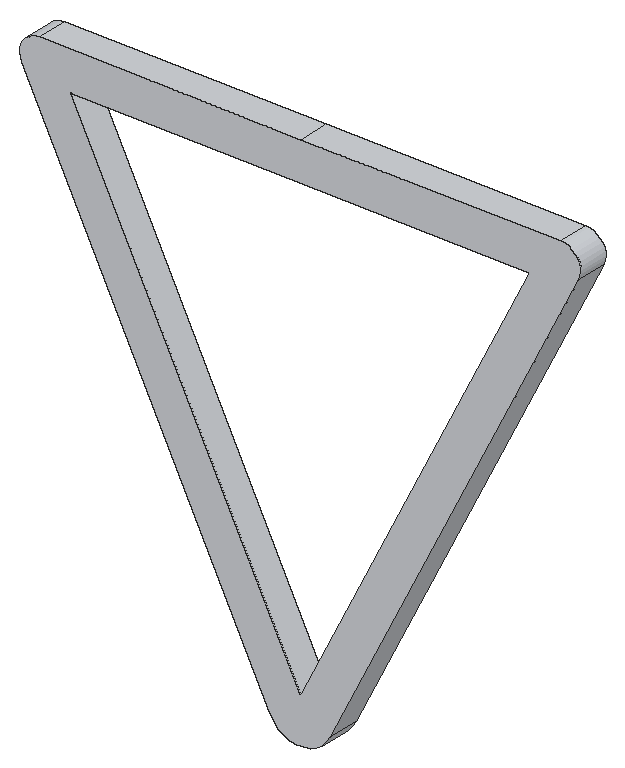
Revit family "BASE TRIANGOLO", category Modelli generici, Revit 2013
Parameters
  F_MATERIALE_SEDUTA = none
  F_MATERIALE = Abete
  F_COEFF_ANGOLARE = 0.00°
Reference planes (cm)
  plane 1 "Centro (Fronte/Retro)": y = 0
  plane 2: z = 0
  plane 3 "Centro (Sinistra/Destra)": x = 0
  plane 4: y = 0
  plane 5: y = 1.2
  plane 6: y = -1.2
  plane 7: y = 2.7
  plane 8: x = -17
  plane 9: z = 45
Forms (cm)
  Extrusion 1, solid
    sketch origin (0, 0, 0) x (1, 0, 0) y (0, 0, 1)
      loop
        line (0.0461, 45) -> (-20.0293, 45)
        arc (-20.0293, 45) -> (-21.3049, 44.2892) -> (-21.3715, 42.8304) r 1.5
        line (-21.3715, 42.8304) -> (-2.3355, 4.6726)
        arc (-2.3355, 4.6726) -> (0, 3.2277) -> (2.3355, 4.6726) r 2.61
        line (2.3355, 4.6726) -> (21.3715, 42.8304)
        arc (21.3715, 42.8304) -> (21.3049, 44.2892) -> (20.0293, 45) r 1.5
        line (20.0293, 45) -> (0.0461, 45)
      loop
        line (0.0461, 42) -> (-17.6047, 42) -> (0, 6.7113) -> (17.6047, 42) -> (0.0461, 42)
    from -1.2 to 1.2
Lines and regions (cm)
  reference lines
    curve 1: line (0, 0, 6.7113) -> (0, 0, 3.2277)
Dimensions and locks (cm)
  level to plane 9 = 45.0 cm
  aligned and locked: level to plane 2
